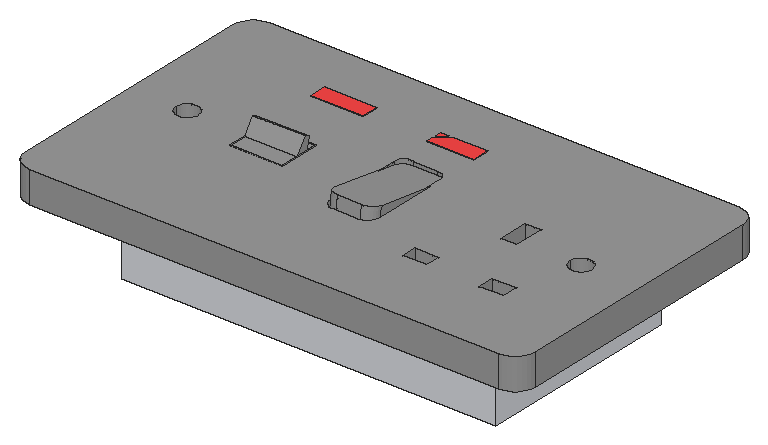
Revit family "ElectricalFixture_WiringAccessories_Hager_Sollysta_DecorativeRaised45ACookerControlUnit", category Electrical Fixtures, host Face, Revit 2015
Parameters (values of type "WMCC50NPSW")
  Warranty ID = ""
  Voltage (Volts) = "230V/240V"
  Unique Reference = "WRCC50NPSW"
  Type = "ElectricalFixture"
  Technical Description = Description  # "45ACookerControlUnitPolishedSteelWhiteInsert"
  Switch = yes
  Supply Phase = "1"
  Size = ""
  Shipping Weight kg = "0.188"
  Shape = "Rectangular"
  Reference Standard = "BS 1363-2"
  Product URL = "http://www.hager.co.uk/product-catalogue/wiring-accessories/sollysta/white-moulded/white-moulded-sockets/58428.htm"
  Product Range = "Sollysta"
  Product Model Number = Unique Reference  # "WRCC50NPSW"
  Product Literature = "http://www.hager.co.uk/product-catalogue/wiring-accessories/sollysta/38662.htm"
  Product Group = "WiringAccessories"
  Product Family = "Decorative45ACookerCOntrolUnit_RaisedPlate45ACookerControlUnit"
  Packaging Recyclable = yes
  Overall Width = Overall Length  # 146.0 mm
  Overall Length = 146.0 mm
  Overall Height = 86.0 mm
  Overall Depth = 26.07 mm
  Operation and Maintenance Manual = ""
  Name = "Decorative45ACookerControlUnit_WRCC50NPSW"
  Measurement Units = "mm"
  Material = Hager_PolishedSteel
  Manufacturer Website = "http://www.hager.co.uk/"
  Manufacturer Country = "United Kingdom"
  Manufacturer = "Hager"
  LED Indicator Switch = yes
  Gross Weight kg = "0.165"
  Frequency = "50/60Hz"
  Finish = "Polished"
  Features = Description  # "45ACookerControlUnitPolishedSteelWhiteInsert"
  Extrusion From Wall = 9.0 mm
  Expected Life = "25 years"
  EAN Code = "5015654741655"
  Distance From Edge = 63.59 mm
  Distance From Centre = 22.393 mm
  Design Country = "China"
  Description = "45ACookerControlUnitPolishedSteelWhiteInsert"
  Default Elevation = 1219.2 mm
  Colour = "PolishedSteel"
  CE Approval = yes
Reference planes
  plane 1 "Center (Front/Back)": y = 0
  plane 2: z = 0
  plane 3 "Center (Left/Right)": x = 0
  plane 4: y = -43
  plane 5: y = 43
  plane 6: x = -73
  plane 7: x = 73
  plane 8: z = 9
  plane 9: z = -16.6
  plane 10: z = 10
  plane 11: y = -471.393
  plane 12: z = -20.53
  plane 13: x = 39.371
  plane 14: x = 44.593
  plane 15: x = 51.626
  plane 16: x = 29.429
  plane 17: x = 22.393
  plane 18: x = 34.693
  plane 19: z = 12.066
Forms (mm)
  Extrusion 1, solid, material "Urea Formaldehyde Thermoset Plastic", detail levels fine
    sketch origin (0, 0, 0) x (1, 0, 0) y (0, 1, 0)
      loop
        arc (67.146, -43) -> (71.285, -41.285) -> (73, -37.146) r 5.854
        line (73, -37.146) -> (73, 37.146)
        arc (73, 37.146) -> (71.285, 41.285) -> (67.146, 43) r 5.854
        line (67.146, 43) -> (-67.146, 43)
        arc (-67.146, 43) -> (-71.285, 41.285) -> (-73, 37.146) r 5.854
        line (-73, 37.146) -> (-73, -37.146)
        arc (-73, -37.146) -> (-71.285, -41.285) -> (-67.146, -43) r 5.854
        line (-67.146, -43) -> (67.146, -43)
      loop
        spline (-6.046, -11.746) -> (-6.02, -12.137) -> (-5.943, -12.522) -> (-5.817, -12.894) -> (-5.644, -13.246) -> (-5.426, -13.572) -> (-5.167, -13.867) -> (-4.872, -14.125) -> (-4.546, -14.343) -> (-4.194, -14.517) -> (-3.822, -14.643) -> (-3.438, -14.72) -> (-3.046, -14.745)
        line (-3.046, -14.745) -> (4.355, -14.745)
        spline (4.355, -14.745) -> (4.747, -14.72) -> (5.131, -14.643) -> (5.503, -14.517) -> (5.855, -14.343) -> (6.181, -14.125) -> (6.476, -13.867) -> (6.735, -13.572) -> (6.953, -13.246) -> (7.126, -12.894) -> (7.252, -12.522) -> (7.329, -12.137) -> (7.368, -11.746)
        line (7.368, -11.746) -> (7.355, 10.866)
        spline (7.355, 10.866) -> (7.329, 11.258) -> (7.252, 11.643) -> (7.126, 12.014) -> (6.953, 12.366) -> (6.735, 12.692) -> (6.476, 12.987) -> (6.181, 13.246) -> (5.855, 13.464) -> (5.503, 13.638) -> (5.131, 13.764) -> (4.747, 13.84) -> (4.355, 13.902)
        line (4.355, 13.902) -> (-3.046, 13.866)
        spline (-3.046, 13.866) -> (-3.438, 13.84) -> (-3.822, 13.764) -> (-4.194, 13.638) -> (-4.546, 13.464) -> (-4.872, 13.246) -> (-5.167, 12.987) -> (-5.426, 12.692) -> (-5.644, 12.366) -> (-5.817, 12.014) -> (-5.943, 11.643) -> (-6.02, 11.258) -> (-6.046, 10.866)
        line (-6.046, 10.866) -> (-6.046, -11.746)
      loop
        line (34.693, 7.05) -> (34.693, -1.65) -> (39.371, -1.65) -> (39.371, 7.05) -> (34.693, 7.05)
      loop
        line (22.393, -17.2) -> (22.393, -21.468) -> (29.429, -21.468) -> (29.429, -17.2) -> (22.393, -17.2)
      loop
        line (44.593, -17.2) -> (44.593, -21.8) -> (51.626, -21.8) -> (51.626, -17.2) -> (44.593, -17.2)
      loop
        circle (-56.448, 0) r 3.228
      loop
        circle (56.448, 0) r 3.228
      loop
        line (-39.24, -6.262) -> (-24.24, -6.262) -> (-24.24, 5.738) -> (-39.24, 5.738) -> (-39.24, -6.262)
    from 0 to 9
  Extrusion 2, solid, material "Urea Formaldehyde Thermoset Plastic", detail levels medium
    sketch origin (0, 0, 0) x (1, 0, 0) y (0, 1, 0)
      loop
        line (-73, 43) -> (-73, -43) -> (73, -43) -> (73, 43) -> (-73, 43)
    from 0 to 9
  Extrusion 3, solid, material "Urea Formaldehyde Thermoset Plastic", detail levels fine
    sketch origin (0, -39.776, -17.164) x (0, 0.891007, -0.45399) y (0, 0.45399, 0.891007)
      loop
        line (22.176, 37.112) -> (27.103, 37.112) -> (24.752, 45.887) -> (23.566, 45.887) -> (22.176, 37.112)
    from -39.24 to -24.24
  Extrusion 4, solid, material "Urea Formaldehyde Thermoset Plastic", detail levels fine
    sketch origin (0, 0, 0) x (1, 0, 0) y (0, 1, 0)
      loop
        line (-39.24, -6.262) -> (-24.24, -6.262) -> (-24.24, 5.738) -> (-39.24, 5.738) -> (-39.24, -6.262)
    from 0 to 9
  Extrusion 5, solid, material "Urea Formaldehyde Thermoset Plastic", visible <- "Switch", detail levels fine
    sketch origin (-31.398, -20.015, 3.597) x (-1, 0, 0) y (0, -0.987688, 0.156434)
      loop
        line (-38.766, -8.53) -> (-38.766, -29.653)
        arc (-38.766, -29.653) -> (-37.819, -31.94) -> (-35.531, -32.888) r 3.235
        line (-35.531, -32.888) -> (-29.757, -32.888) -> (-28.661, -32.888)
        arc (-28.661, -32.888) -> (-26.321, -31.919) -> (-25.352, -29.58) r 3.308
        line (-25.352, -29.58) -> (-25.352, -8.616)
        arc (-25.352, -8.616) -> (-26.313, -6.296) -> (-28.634, -5.335) r 3.281
        line (-28.634, -5.335) -> (-35.572, -5.335)
        arc (-35.572, -5.335) -> (-37.831, -6.271) -> (-38.766, -8.53) r 3.194
    from 0 to 9.42
  Extrusion 6, solid, material "LED Indicator", visible <- "LED Indicator Switch", detail levels fine
    sketch origin (0, 0, 0) x (1, 0, 0) y (0, 1, 0)
      loop
        line (-39.306, 22.712) -> (-24.306, 22.712) -> (-24.306, 27.712) -> (-39.306, 27.712) -> (-39.306, 22.712)
      loop
        line (-6.084, 22.712) -> (7.405, 22.712) -> (7.405, 27.712) -> (-6.084, 27.712) -> (-6.084, 22.712)
    from 0 to 9
  Extrusion 7, solid
    sketch origin (0, 0, 0) x (1, 0, 0) y (0, 1, 0)
      loop
        line (-52.974, -28) -> (54.371, -28) -> (54.371, 30.952) -> (-52.974, 30.952) -> (-52.974, -28)
    from -20.53 to 0
Lines and regions (mm)
  model lines
    curve 1: line (-73, 37.146, 0) -> (-73, -37.146, 0)
    curve 2: line (-67.146, -43, 0) -> (67.146, -43, 0)
    curve 3: arc (-73, -37.146, 0) -> (-71.285, -41.285, 0) -> (-67.146, -43, 0) r 5.854
    curve 4: arc (-67.146, 43, 0) -> (-71.285, 41.285, 0) -> (-73, 37.146, 0) r 5.854
    curve 5: line (67.146, 43, 0) -> (-67.146, 43, 0)
    curve 6: arc (73, 37.146, 0) -> (71.285, 41.285, 0) -> (67.146, 43, 0) r 5.854
    curve 7: line (73, -37.146, 0) -> (73, 37.146, 0)
    curve 8: arc (67.146, -43, 0) -> (71.285, -41.285, 0) -> (73, -37.146, 0) r 5.854
    curve 9: line (51.626, -21.8, 0) -> (44.593, -21.8, 0)
    curve 10: line (44.593, -21.8, 0) -> (44.593, -17.2, 0)
    curve 11: line (44.593, -17.2, 0) -> (51.626, -17.2, 0)
    curve 12: line (51.626, -17.2, 0) -> (51.626, -21.8, 0)
    curve 13: line (29.429, -21.468, 0) -> (22.393, -21.468, 0)
    curve 14: line (22.393, -21.468, 0) -> (22.393, -17.2, 0)
    curve 15: line (22.393, -17.2, 0) -> (29.429, -17.2, 0)
    curve 16: line (29.429, -17.2, 0) -> (29.429, -21.468, 0)
    curve 17: line (34.693, -1.65, 0) -> (34.693, 7.05, 0)
    curve 18: line (34.693, 7.05, 0) -> (39.371, 7.05, 0)
    curve 19: line (39.371, 7.05, 0) -> (39.371, -1.65, 0)
    curve 20: line (39.371, -1.65, 0) -> (34.693, -1.65, 0)
    curve 21: arc (53.22, 0, 0) -> (56.448, -3.228, 0) -> (59.677, 0, 0) r 3.228
    curve 22: arc (59.677, 0, 0) -> (56.448, 3.228, 0) -> (53.22, 0, 0) r 3.228
    curve 23: arc (-59.677, 0, 0) -> (-56.448, -3.228, 0) -> (-53.22, 0, 0) r 3.228
    curve 24: arc (-53.22, 0, 0) -> (-56.448, 3.228, 0) -> (-59.677, 0, 0) r 3.228
    curve 25: line (-39.24, -6.262, 0) -> (-24.24, -6.262, 0)
    curve 26: line (-24.24, -6.262, 0) -> (-24.24, 5.738, 0)
    curve 27: line (-24.24, 5.738, 0) -> (-39.24, 5.738, 0)
    curve 28: line (-39.24, 5.738, 0) -> (-39.24, -6.262, 0)
    curve 29: line (-39.24, -3.169, 0) -> (-24.24, -3.169, 0)
    curve 30: line (-24.24, 1.221, 0) -> (-39.24, 1.221, 0)
    curve 39: line (-3.044, 13.879, 0) -> (4.355, 13.879, 0)
    curve 40: spline (4.355, 13.879, 0) -> (4.747, 13.853, 0) -> (5.133, 13.776, 0) -> (5.506, 13.649, 0) -> (5.858, 13.475, 0) -> (6.185, 13.256, 0) -> (6.481, 12.997, 0) -> (6.74, 12.701, 0) -> (6.959, 12.373, 0) -> (7.133, 12.02, 0) -> (7.259, 11.648, 0) -> (7.336, 11.262, 0) -> (7.361, 10.869, 0)
    curve 41: line (7.361, 10.869, 0) -> (7.361, -11.745, 0)
    curve 42: spline (7.361, -11.745, 0) -> (7.335, -12.137, 0) -> (7.258, -12.522, 0) -> (7.132, -12.894, 0) -> (6.958, -13.246, 0) -> (6.74, -13.573, 0) -> (6.481, -13.868, 0) -> (6.185, -14.127, 0) -> (5.859, -14.345, 0) -> (5.506, -14.519, 0) -> (5.134, -14.645, 0) -> (4.749, -14.721, 0) -> (4.357, -14.747, 0)
    curve 43: line (4.357, -14.747, 0) -> (-3.046, -14.747, 0)
    curve 44: spline (-3.046, -14.747, 0) -> (-3.438, -14.721, 0) -> (-3.823, -14.644, 0) -> (-4.195, -14.518, 0) -> (-4.547, -14.345, 0) -> (-4.873, -14.127, 0) -> (-5.169, -13.868, 0) -> (-5.427, -13.573, 0) -> (-5.646, -13.246, 0) -> (-5.819, -12.894, 0) -> (-5.945, -12.523, 0) -> (-6.022, -12.138, 0) -> (-6.048, -11.746, 0)
    curve 45: line (-6.048, -11.746, 0) -> (-6.048, -8.704, 0)
    curve 46: spline (-6.046, 10.758, 0) -> (-6.034, 11.161, 0) -> (-5.969, 11.558, 0) -> (-5.851, 11.943, 0) -> (-5.683, 12.308, 0) -> (-5.467, 12.648, 0) -> (-5.208, 12.957, 0) -> (-4.91, 13.227, 0) -> (-4.579, 13.456, 0) -> (-4.22, 13.638, 0) -> (-3.84, 13.771, 0) -> (-3.446, 13.852, 0) -> (-3.044, 13.879, 0)
    curve 47: line (-3.046, 13.902, 0) -> (4.355, 13.902, 0)
    curve 48: spline (4.355, 13.866, 0) -> (4.747, 13.84, 0) -> (5.131, 13.764, 0) -> (5.503, 13.638, 0) -> (5.855, 13.464, 0) -> (6.181, 13.246, 0) -> (6.476, 12.987, 0) -> (6.735, 12.692, 0) -> (6.953, 12.366, 0) -> (7.126, 12.014, 0) -> (7.252, 11.643, 0) -> (7.329, 11.258, 0) -> (7.355, 10.866, 0)
    curve 49: line (7.368, -11.59, 0) -> (7.368, 10.747, 0)
    curve 50: spline (7.355, -11.746, 0) -> (7.329, -12.137, 0) -> (7.252, -12.522, 0) -> (7.126, -12.894, 0) -> (6.953, -13.246, 0) -> (6.735, -13.572, 0) -> (6.476, -13.867, 0) -> (6.181, -14.125, 0) -> (5.855, -14.343, 0) -> (5.503, -14.517, 0) -> (5.131, -14.643, 0) -> (4.747, -14.72, 0) -> (4.355, -14.745, 0)
    curve 51: line (4.355, -14.745, 0) -> (-3.046, -14.745, 0)
    curve 52: spline (-3.046, -14.745, 0) -> (-3.438, -14.72, 0) -> (-3.822, -14.643, 0) -> (-4.194, -14.517, 0) -> (-4.546, -14.343, 0) -> (-4.872, -14.125, 0) -> (-5.167, -13.867, 0) -> (-5.426, -13.572, 0) -> (-5.644, -13.246, 0) -> (-5.817, -12.894, 0) -> (-5.943, -12.522, 0) -> (-6.02, -12.137, 0) -> (-6.046, -11.746, 0)
    curve 53: line (-6.046, 10.758, 0) -> (-6.046, -8.704, 0)
  model lines, visible <- "LED Indicator Switch"
    curve 31: line (-39.306, 22.712, 0) -> (-24.306, 22.712, 0)
    curve 32: line (-24.306, 22.712, 0) -> (-24.306, 27.712, 0)
    curve 33: line (-24.306, 27.712, 0) -> (-39.306, 27.712, 0)
    curve 34: line (-39.306, 27.712, 0) -> (-39.306, 22.712, 0)
    curve 35: line (-6.084, 22.712, 0) -> (7.405, 22.712, 0)
    curve 36: line (7.405, 22.712, 0) -> (7.405, 27.712, 0)
    curve 37: line (7.405, 27.712, 0) -> (-6.084, 27.712, 0)
    curve 38: line (-6.084, 27.712, 0) -> (-6.084, 22.712, 0)
Dimensions and locks
  "Overall Length": plane 6 to plane 7
  "Overall Height": plane 4 to plane 5
  plane 17 to plane 16 to plane 18 to plane 13 to plane 14 to plane 15 = 7.036 mm locked, 5.264 mm locked, 4.678 mm locked, 5.222 mm locked, 7.033 mm locked
  "Distance From Centre": plane 3 "Center (Left/Right)" to plane 17
  locked: Extrusion 1 sketch curve to Extrusion 1 sketch curve at 16.552  (x2)
  locked: plane 10 to plane 8 at 1
  locked: plane 19 to plane 10 at 2.066
  "Extrusion From Wall": plane 8 to plane 2
  aligned and locked: plane 2 to host face
  aligned and locked: level to host face
  aligned and locked: Extrusion 1 sketch curve to plane 4
  aligned and locked: Extrusion 1 sketch curve to plane 7
  aligned and locked: Extrusion 1 sketch curve to plane 5
  aligned and locked: Extrusion 1 sketch curve to plane 6
  aligned and locked: Extrusion 1 sketch curve to plane 18
  aligned and locked: Extrusion 1 sketch curve to plane 13
  aligned and locked: Extrusion 1 sketch curve to plane 17
  aligned and locked: Extrusion 1 sketch curve to plane 16
  aligned and locked: Extrusion 1 sketch curve to plane 14
  aligned and locked: Extrusion 1 sketch curve to plane 15
  aligned and locked: Extrusion 1 to plane 8
  aligned and locked: Extrusion 2 sketch curve to plane 6
  aligned and locked: Extrusion 2 sketch curve to plane 4
  aligned and locked: Extrusion 2 sketch curve to plane 7
  aligned and locked: Extrusion 2 sketch curve to plane 5
  aligned and locked: Extrusion 2 to plane 8
  aligned and locked: Extrusion 2 to level
  aligned and locked: curve 25 to Extrusion 4
  aligned and locked: curve 26 to Extrusion 4
  aligned and locked: curve 27 to Extrusion 4
  aligned and locked: curve 28 to Extrusion 4
  aligned and locked: curve 29 to Extrusion 3
  aligned and locked: curve 30 to Extrusion 3
  aligned and locked: curve 31 to Extrusion 6
  aligned and locked: curve 32 to Extrusion 6
  aligned and locked: curve 33 to Extrusion 6
  aligned and locked: curve 34 to Extrusion 6
  aligned and locked: curve 35 to Extrusion 6
  aligned and locked: curve 36 to Extrusion 6
  aligned and locked: curve 37 to Extrusion 6
  aligned and locked: curve 38 to Extrusion 6
  aligned and locked: curve 49 to Extrusion 5
  aligned and locked: curve 53 to Extrusion 5
  aligned and locked: plane 12 to Extrusion 7
  aligned and locked: level to Extrusion 7
  aligned and locked: plane 19 to Extrusion 5
  aligned and locked: Extrusion 6 to plane 8
  aligned and locked: plane 8 to Extrusion 4
  aligned and locked: Extrusion 4 to plane 2
Automatic sketch dimensions
  host sketch curve to host sketch curve = 2438.4 mm  (x2)
  Extrusion 3 sketch curve to plane 1 "Center (Front/Back)" = 2.053 mm
  Extrusion 3 sketch curve to plane 10 = 3.023 mm
  Extrusion 3 sketch curve to Extrusion 3 sketch curve = 1.186 mm
  Extrusion 3 sketch curve to Extrusion 3 sketch curve = 1.39 mm
  Extrusion 3 sketch curve to Extrusion 3 sketch curve = 4.928 mm
  Extrusion 3 sketch curve to Extrusion 3 sketch curve = 8.775 mm
  plane 3 "Center (Left/Right)" to Extrusion 5 sketch curve = 7.368 mm
  plane 3 "Center (Left/Right)" to Extrusion 5 sketch curve = 4.174 mm
  plane 3 "Center (Left/Right)" to Extrusion 5 sketch curve = 4.133 mm
  Extrusion 5 sketch curve to plane 3 "Center (Left/Right)" = 1.641 mm
  Extrusion 5 sketch curve to Extrusion 5 sketch curve = 1.097 mm
  Extrusion 5 sketch curve to plane 3 "Center (Left/Right)" = 2.764 mm
  Extrusion 5 sketch curve to Extrusion 5 sketch curve = 3.308 mm
  Extrusion 5 sketch curve to Extrusion 5 sketch curve = 20.963 mm
  plane 1 "Center (Front/Back)" to Extrusion 1 sketch curve = 0.0 mm  (x2)
  plane 6 to Extrusion 1 sketch curve = 5.854 mm  (x2)
  Extrusion 1 sketch curve to plane 1 "Center (Front/Back)" = 5.738 mm
  Extrusion 1 sketch curve to Extrusion 1 sketch curve = 17.209 mm
  plane 1 "Center (Front/Back)" to Extrusion 1 sketch curve = 6.262 mm
  Extrusion 1 sketch curve to Extrusion 1 sketch curve = 15.0 mm
  Extrusion 1 sketch curve to plane 3 "Center (Left/Right)" = 6.046 mm
  Extrusion 1 sketch curve to plane 3 "Center (Left/Right)" = 3.046 mm  (x2)
  plane 3 "Center (Left/Right)" to Extrusion 1 sketch curve = 4.355 mm
  Extrusion 1 sketch curve to Extrusion 1 sketch curve = 5.854 mm
  Extrusion 1 sketch curve to plane 7 = 5.854 mm
  Extrusion 1 sketch curve to plane 4 = 21.2 mm
  Extrusion 1 sketch curve to Extrusion 1 sketch curve = 0.332 mm
  Extrusion 1 sketch curve to Extrusion 1 sketch curve = 4.268 mm
  Extrusion 1 sketch curve to Extrusion 1 sketch curve = 4.6 mm
  plane 1 "Center (Front/Back)" to Extrusion 1 sketch curve = 14.745 mm
  Extrusion 1 sketch curve to Extrusion 1 sketch curve = 3.0 mm  (x2)
  plane 1 "Center (Front/Back)" to Extrusion 1 sketch curve = 1.65 mm
  Extrusion 1 sketch curve to plane 1 "Center (Front/Back)" = 7.05 mm
  Extrusion 1 sketch curve to plane 1 "Center (Front/Back)" = 10.866 mm
  Extrusion 1 sketch curve to Extrusion 1 sketch curve = 0.0 mm  (x4)
  Extrusion 1 sketch curve to Extrusion 1 sketch curve = 0.001 mm  (x3)
  Extrusion 1 sketch curve to plane 3 "Center (Left/Right)" = 0.923 mm  (x2)
  plane 3 "Center (Left/Right)" to Extrusion 1 sketch curve = 4.354 mm
  Extrusion 1 sketch curve to Extrusion 1 sketch curve = 2.121 mm  (x4)
  Extrusion 1 sketch curve to Extrusion 1 sketch curve = 0.878 mm  (x2)
  Extrusion 1 sketch curve to Extrusion 1 sketch curve = 0.014 mm
  Extrusion 1 sketch curve to Extrusion 1 sketch curve = 2.123 mm
  Extrusion 1 sketch curve to Extrusion 1 sketch curve = 2.122 mm
  Extrusion 1 sketch curve to Extrusion 1 sketch curve = 0.036 mm
  plane 6 to Extrusion 6 sketch curve = 33.694 mm
  Extrusion 6 sketch curve to Extrusion 6 sketch curve = 15.0 mm
  Extrusion 6 sketch curve to plane 3 "Center (Left/Right)" = 6.084 mm
  plane 3 "Center (Left/Right)" to Extrusion 6 sketch curve = 7.405 mm
  plane 5 to Extrusion 6 sketch curve = 20.288 mm  (x2)
  Extrusion 6 sketch curve to Extrusion 6 sketch curve = 5.0 mm  (x2)
  curve 43 to plane 3 "Center (Left/Right)" = 3.046 mm
  curve 39 to plane 3 "Center (Left/Right)" = 3.044 mm
  plane 3 "Center (Left/Right)" to curve 43 = 4.357 mm
  plane 3 "Center (Left/Right)" to curve 39 = 4.355 mm
  curve 43 to curve 41 = 3.004 mm
  curve 43 to curve 45 = 3.001 mm
  curve 43 to curve 41 = 3.002 mm
  plane 1 "Center (Front/Back)" to curve 45 = 8.704 mm
  curve 41 to plane 1 "Center (Front/Back)" = 10.869 mm
  curve 46 to curve 39 = 3.121 mm
  curve 44 to curve 44 = 3.001 mm
  curve 46 to curve 46 = 0.001 mm
  curve 46 to plane 3 "Center (Left/Right)" = 0.919 mm
  curve 44 to plane 3 "Center (Left/Right)" = 0.924 mm
  curve 42 to curve 42 = 3.003 mm
  curve 40 to curve 40 = 0.0 mm
  curve 40 to curve 40 = 2.125 mm
  curve 43 to curve 42 = 2.125 mm
  curve 47 to curve 46 = 0.002 mm
  curve 40 to curve 47 = 0.0 mm
  curve 48 to curve 40 = 0.001 mm
  curve 40 to curve 48 = 0.0 mm
  curve 48 to curve 40 = 0.004 mm
  curve 48 to curve 40 = 0.007 mm  (x2)
  curve 42 to curve 49 = 0.155 mm
  curve 49 to curve 40 = 0.122 mm
  curve 48 to curve 40 = 0.003 mm
  curve 51 to curve 43 = 0.002 mm
  curve 43 to curve 51 = 0.001 mm
  curve 43 to curve 51 = 0.0 mm
  curve 50 to curve 42 = 0.004 mm
  curve 50 to curve 42 = 0.006 mm
  curve 50 to curve 42 = 0.007 mm
  curve 50 to curve 42 = 0.001 mm
  curve 44 to curve 52 = 0.002 mm
  curve 44 to curve 52 = 0.001 mm  (x2)
  curve 44 to curve 52 = 0.0 mm
  curve 45 to curve 53 = 0.002 mm
  curve 45 to curve 53 = 0.0 mm
  curve 39 to curve 47 = 0.023 mm
  plane 6 to Extrusion 7 sketch curve = 20.026 mm
  plane 15 to Extrusion 7 sketch curve = 2.745 mm
  Extrusion 7 sketch curve to plane 4 = 15.0 mm
  plane 5 to Extrusion 7 sketch curve = 12.048 mm
  curve 1 to plane 6 = 0.0 mm
  curve 15 to plane 17 = 0.0 mm
  curve 15 to plane 16 = 0.0 mm
  curve 17 to plane 18 = 0.0 mm
  curve 18 to plane 13 = 0.0 mm
  curve 10 to plane 14 = 0.0 mm
  curve 12 to plane 15 = 0.0 mm
  plane 5 to curve 5 = 0.0 mm
  plane 4 to curve 8 = 0.0 mm
  curve 7 to plane 7 = 0.0 mm
  curve 9 to plane 4 = 21.2 mm
  curve 9 to curve 13 = 0.332 mm
  curve 13 to curve 15 = 4.268 mm
  curve 9 to curve 12 = 4.6 mm
  curve 43 to curve 53 = 6.043 mm
  plane 1 "Center (Front/Back)" to curve 20 = 1.65 mm
  curve 18 to plane 1 "Center (Front/Back)" = 7.05 mm
  curve 53 to plane 1 "Center (Front/Back)" = 10.758 mm
  Extrusion 4 sketch curve to plane 1 "Center (Front/Back)" = 5.738 mm
  plane 6 to Extrusion 4 sketch curve = 33.76 mm
  Extrusion 4 sketch curve to Extrusion 4 sketch curve = 15.0 mm
  plane 1 "Center (Front/Back)" to Extrusion 4 sketch curve = 6.262 mm
  radius of Extrusion 1 sketch curve = 3.228 mm  (x2)
Nested families
  nested 1: "LED Switch" at (115.776, 36.364, 0), type "LED Switch"
  nested 2: "LED Switch" at (-1946.613, 203, 0), type "LED Switch"
Connectors
  electrical at (0, 0, 0)
    settings: on Extrusion 1, index 1, voltage 230 V, apparent load 0 VA, apparent load phase1 0 VA, apparent load phase2 0 VA, apparent load phase3 0 VA, power factor 1, load classification "Other", number of poles 1, system type 31, power factor state 1, is connector primary yes, connector utility no, sub classification motor no, connector description ""
Definition of nested family "LED Switch"
  Parameters (values of type "LED Switch")
    LED Indicator Switch = no
  Reference planes
    plane 1 "Center (Front/Back)": y = 0
    plane 2: z = 0
    plane 3 "Center (Left/Right)": x = 0
  Forms (mm)
    Extrusion 1, solid, visible <- "LED Indicator Switch", detail levels fine
      sketch origin (-4.952, -17.415, 4.745) x (-1, 0, 0) y (0, -0.987688, 0.156434)
        loop
          line (-2.778, -29.269) -> (-7.654, -29.269) -> (-7.654, -32.25) -> (-2.778, -32.25) -> (-2.778, -29.269)
      from 0 to 8.633
    Extrusion 2, solid, visible <- "LED Indicator Switch", detail levels fine
      sketch origin (-74.952, -18.168, 4.067) x (-1, 0, 0) y (0, -0.987688, 0.156434)
        loop
          line (-82.054, -8.53) -> (-82.054, -29.653)
          arc (-82.054, -29.653) -> (-81.106, -31.94) -> (-78.819, -32.888) r 3.235
          line (-78.819, -32.888) -> (-77.654, -32.888) -> (-77.654, -29.907) -> (-75.259, -29.907) -> (-72.778, -29.907) -> (-72.778, -32.888) -> (-71.698, -32.888)
          arc (-71.698, -32.888) -> (-69.359, -31.919) -> (-68.39, -29.58) r 3.308
          line (-68.39, -29.58) -> (-68.39, -8.616)
          arc (-68.39, -8.616) -> (-69.351, -6.296) -> (-71.671, -5.335) r 3.281
          line (-71.671, -5.335) -> (-78.859, -5.335)
          arc (-78.859, -5.335) -> (-81.118, -6.271) -> (-82.054, -8.53) r 3.194
      from 0 to 9.42
  Dimensions and locks
    aligned and locked: level to plane 2
